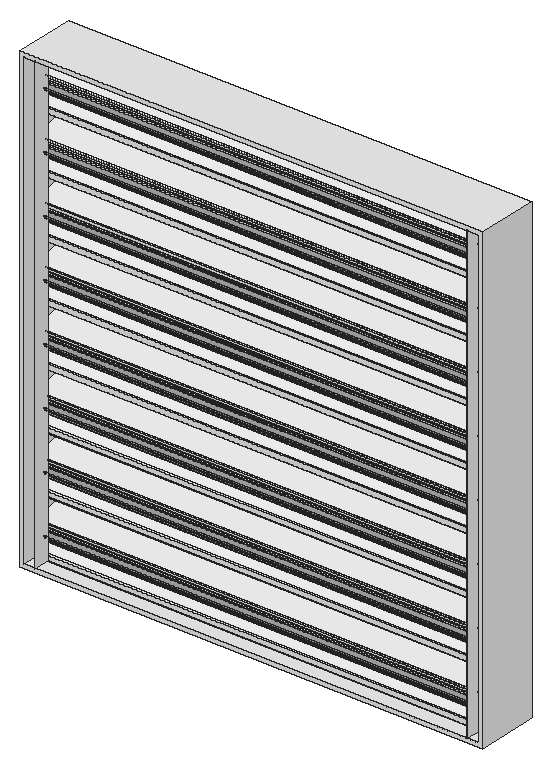
Revit family
Parameters (values of type "Louver_Screen_HJ-645_All-Lite")
  URL = "http://www.alllite-louvers.com"
  Specifications = "http://www.alllite-louvers.com/catalog/AHJ-645-csi-specification.doc"
  Spacing = 0.563 ft
  SmartBIM Object Version = 3  # constant formula
  SmartBIM Object Created By = "Reed Construction Data"  # constant formula
  Shim Thickness = 0.042 ft
  Screen Width = Width - (2 * Shim Thickness)  # 4.916 ft
  Screen Height = Height - (2 * Shim Thickness)  # 4.916 ft
  Screen = Aluminum
  Rough Width = 0.0 ft
  Rough Height = 0.0 ft
  Product URL = "http://www.alllite-louvers.com/catalog.php?model=HJ-645"
  Pressure Loss (in.wg.) = "N/A"  # constant formula
  OmniClass Title = "Exterior Louvers and Grilles"  # constant formula
  OmniClass Code = "23-60 11 17"  # constant formula
  Model Number = "HJ-645"  # constant formula
  Minimum Size = "12\" x 12\""
  Maximum Size - Single Section = "72\" x 144\" or 144\"x 72\""
  Maximum Size - Multiple Section = "Unlimited"
  Manufacturer = "All-Lite"  # constant formula
  Louver Width = Width - (2 * Shim Thickness)  # 4.916 ft
  Louver = Mill finish, 6063-T5 Extruded Aluminum
  Height = 5.0 ft
  Free Area for 48”x48” Louver = "50.0%"
  Free Area Velocity (fpm) = "N/A"  # constant formula
  Free Area (ft²) for 48"x48" Louver = 8.0 ft
  Frame = Mill finish, 6063-T5 Extruded Aluminum
  Default Sill Height = 3.0 ft
  Wall Closure = (empty or 0)
  Width = 5.0 ft
  Cut Sheet = "http://www.alllite-louvers.com/catalog/AHJ645.pdf"
  Assembly Code = "B2010300"
  Air Volume Delivered (cfm) = "N/A"  # constant formula
  95 CSI = "10200 "  # constant formula
  04 CSI = "08 91 00"  # constant formula
  # of Louvers = (Height - 0.25 ft) / (Spacing)  # 8
Reference planes (ft)
  plane 1 "Center (Front/Back)": y = 0
  plane 2: z = 0.291667
  plane 3 "Center (Left/Right)": x = 0
  plane 4 "Left": x = -2.5
  plane 5 "Right": x = 2.5
  plane 6 "Sill": z = 3.291667
  plane 7 "Top": z = 8.291667
  plane 8: x = -2.458
  plane 9: x = 2.458
  plane 10: z = 8.249667
  plane 11: z = 3.333667
  plane 12: z = 5.791667
Forms (ft)
  Sweep 1, solid, material "Mill finish, 6063-T5 Extruded Aluminum" <- "Frame"
    path origin (-5, 0.333333, 0) x (-1, 0, 0) y (0, 0, 1)
      loop
        line (-7.458, 3.333667) -> (-7.458, 8.249667)
    profile "Vertical Mullion : Vertical Mullion" origin (2.458, 0.333333, 5.791667) x (1, 0, 0) y (0, 1, 0)
      loop
        line (-0.11825, -0.50675) -> (0, -0.50675) -> (0, -0.5) -> (-0.125, -0.5) -> (-0.125, -0.666667) -> (-0.11825, -0.666667) -> (-0.11825, -0.50675)
  Sweep 2, solid, material "Mill finish, 6063-T5 Extruded Aluminum" <- "Frame"
    path origin (5, 0.333333, 0) x (1, 0, 0) y (0, 0, -1)
      loop
        line (-7.458, -3.333667) -> (-7.458, -8.249667)
    profile "Vertical Mullion : Vertical Mullion" origin (-2.458, 0.333333, 5.791667) x (1, 0, 0) y (0, 1, 0)
      loop
        line (0.11825, -0.50675) -> (0.11825, -0.666667) -> (0.125, -0.666667) -> (0.125, -0.5) -> (0, -0.5) -> (0, -0.50675) -> (0.11825, -0.50675)
  Sweep 3, solid, material "Mill finish, 6063-T5 Extruded Aluminum" <- "Frame"
    path origin (-5, 0.333333, 0) x (-1, 0, 0) y (0, 0, 1)
      loop
        line (-2.5, 8.291667) -> (-7.5, 8.291667) -> (-7.5, 3.291667) -> (-2.5, 3.291667) -> (-2.5, 8.291667)
    profile origin (-2.5, 0.333333, 5.791667) x (0, 1, 0) y (-1, 0, 0)
      loop
        line (0, 0) -> (-0.666667, 0) -> (-0.666667, -0.042) -> (0, -0.042) -> (0, 0)
Lines and regions (ft)
  Opening 1
    outline origin (-5, -0.333333, 0) x (1, 0, 0) y (0, 0, 1)
      loop
        line (2.5, 8.291667) -> (2.5, 3.291667) -> (7.5, 3.291667) -> (7.5, 8.291667) -> (2.5, 8.291667)
  Masking region 1, detail levels coarse+medium
    outline origin (0, 0, 0) x (1, 0, 0) y (0, 1, 0)
      loop
        line (-2.5, 0.333333) -> (-2.5, -0.333333) -> (-2.333, -0.333333) -> (-2.333, 0.333333) -> (-2.5, 0.333333)
      loop
        line (2.333, -0.333333) -> (2.5, -0.333333) -> (2.5, 0.333333) -> (2.333, 0.333333) -> (2.333, -0.333333)
  Masking region 2, detail levels fine
    outline origin (0, 0, 0) x (1, 0, 0) y (0, 1, 0)
      loop
        line (2.33975, -0.333333) -> (2.33975, -0.173417) -> (2.458, -0.173417) -> (2.458, -0.166667) -> (2.333, -0.166667) -> (2.333, -0.333333) -> (2.33975, -0.333333)
      loop
        line (-2.33975, -0.333333) -> (-2.333, -0.333333) -> (-2.333, -0.166667) -> (-2.458, -0.166667) -> (-2.458, -0.173417) -> (-2.33975, -0.173417) -> (-2.33975, -0.333333)
Text (ft)
  text "EXTERIOR" at (-4.890733, 4.242245, 0), in view "Ref. Level"
  text "INTERIOR" at (-4.890733, -3.147199, 0), in view "Ref. Level"
  text "Exterior" at (0, 3.638026, 10.266337), in view "Left"
  text "Exterior" at (0, 1.524487, 10.420622), in view "Right"
Dimensions and locks (ft)
  equal spacing: plane 4 "Left", plane 3 "Center (Left/Right)", plane 5 "Right"
  "Width": plane 4 "Left" to plane 5 "Right"
  "Height": plane 6 "Sill" to plane 7 "Top"
  "Default Sill Height": plane 2 to plane 6 "Sill"
  "Shim Thickness": plane 4 "Left" to plane 8
  "Shim Thickness": plane 9 to plane 5 "Right"
  "Shim Thickness": plane 10 to plane 7 "Top"
  "Shim Thickness": plane 6 "Sill" to plane 11
  equal spacing: plane 11, plane 12, plane 10
  equal spacing: group 1, group 3, group 4, group 5, group 6, group 7, group 8, group 2  (x3)
  aligned and locked: plane 7 "Top" to Opening 1 sketch curve
  aligned and locked: plane 6 "Sill" to Opening 1 sketch curve  (x2)
  aligned and locked: plane 5 "Right" to Opening 1 sketch curve
  aligned and locked: plane 4 "Left" to Opening 1 sketch curve
  aligned and locked: plane 9 to Sweep 1 sketch curve
  aligned and locked: Sweep 2 sketch curve to plane 8
  aligned and locked: Sweep 3 sketch curve to plane 4 "Left"
  aligned and locked: Sweep 3 sketch curve to plane 7 "Top"
  aligned and locked: Sweep 3 sketch curve to plane 6 "Sill"
  aligned and locked: Sweep 3 sketch curve to plane 5 "Right"
  aligned and locked: Sweep 3 sketch curve to host wall  (x2)
  aligned and locked: plane 8 to Sweep 3 sketch curve
  aligned and locked: plane 3 "Center (Left/Right)" to nested 1
  aligned and locked: plane 10 to Sweep 2 sketch curve
  aligned and locked: profile plane to host wall
  aligned and locked: plane 3 "Center (Left/Right)" to nested 2
  aligned and locked: plane 11 to Sweep 2 sketch curve
  aligned and locked: plane 11 to Sweep 1 sketch curve
  aligned and locked: nested 1 to Sweep 2
  aligned and locked: nested 2 to Sweep 2
  aligned and locked: plane 11 to nested 1
  aligned and locked: plane 10 to nested 2
  aligned and locked: Masking region 1 sketch curve to host wall  (x4)
  aligned and locked: Sweep 2 to Masking region 1 sketch curve
  aligned and locked: Masking region 1 sketch curve to Sweep 2
  aligned and locked: Sweep 1 to Masking region 1 sketch curve
  aligned and locked: Masking region 1 sketch curve to Sweep 1
  aligned and locked: Masking region 2 sketch curve to Sweep 1  (x6)
  aligned and locked: Masking region 2 sketch curve to Sweep 2  (x6)
  aligned and locked: Sweep 2 to Sweep 3 sketch curve
Automatic sketch dimensions
  Sweep 1 sketch curve to plane 10 = 0.0 ft
Nested families (ft)
  nested 1: "Louver Single" at (0, 0.167312, 3.333667), type "Louver"
    with Louver Length 4.916 ft
  nested 2: "Louver Single" at (0, 0.167312, 7.669259), type "Louver"
    with Louver Length 4.916 ft
  nested 3: "Louver Single" at (0, 0.167312, 3.953037), type "Louver"
    with Louver Length 4.916 ft
  nested 4: "Louver Single" at (0, 0.167312, 4.572407), type "Louver"
    with Louver Length 4.916 ft
  nested 5: "Louver Single" at (0, 0.167312, 5.191778), type "Louver"
    with Louver Length 4.916 ft
  nested 6: "Louver Single" at (0, 0.167312, 5.811148), type "Louver"
    with Louver Length 4.916 ft
  nested 7: "Louver Single" at (0, 0.167312, 6.430519), type "Louver"
    with Louver Length 4.916 ft
  nested 8: "Louver Single" at (0, 0.167312, 7.049889), type "Louver"
    with Louver Length 4.916 ft
Definition of nested family "Louver Single"
  Parameters (values of type "Louver")
    Louver Length = 3.75 ft
    Frame = none
    Depth = 0.156576 ft
    Louver Single = yes
    Louver = none
    Assembly Code = ""
  Reference planes (ft)
    plane 1 "Center (Front/Back)": y = -0.085938
    plane 2: z = 0
    plane 3 "Center (Left/Right)": x = 0
    plane 4: x = -1.875
    plane 5: x = 1.875
    plane 6: y = -0.333979
    plane 7: y = 0.166021
    plane 8: z = 0.580407
  Forms (ft)
    Extrusion 1, solid, material <- "Louver"
      sketch origin (0, 0.02681, -0.008802) x (0, 1, 0) y (0, 0, 1)
        loop
          arc (0.014501, 0.43186) -> (0.029597, 0.417844) -> (0.020595, 0.436372) r 0.010479
          line (0.020595, 0.436372) -> (-0.012602, 0.46957) -> (-0.352942, 0.371979)
          arc (-0.352942, 0.371979) -> (-0.358607, 0.368085) -> (-0.360789, 0.361565) r 0.010833
          line (-0.360789, 0.361565) -> (-0.360789, 0.341813) -> (-0.351665, 0.341813) -> (-0.351665, 0.352903)
          arc (-0.351665, 0.352903) -> (-0.345581, 0.358987) -> (-0.339496, 0.352903) r 0.006084
          line (-0.339496, 0.352903) -> (-0.339496, 0.310467)
          arc (-0.339496, 0.310467) -> (-0.345581, 0.304383) -> (-0.351665, 0.310467) r 0.006084
          line (-0.351665, 0.310467) -> (-0.351665, 0.320979) -> (-0.360789, 0.320979) -> (-0.360789, 0.30358)
          arc (-0.360789, 0.30358) -> (-0.360432, 0.300821) -> (-0.359384, 0.298244) r 0.010833
          line (-0.359384, 0.298244) -> (-0.308809, 0.208885) -> (-0.256582, 0.154803)
          arc (-0.256582, 0.154803) -> (-0.245947, 0.143718) -> (-0.252393, 0.157662) r 0.007788
          line (-0.252393, 0.157662) -> (-0.275965, 0.182073) -> (-0.001124, 0.447484) -> (0.014501, 0.43186)
        loop
          line (0.139211, 0.517883) -> (0.139211, 0.583793)
          arc (0.139211, 0.583793) -> (0.133794, 0.58921) -> (0.128378, 0.583793) r 0.005417
          line (0.128378, 0.583793) -> (0.128378, 0.524614)
          arc (0.128378, 0.524614) -> (0.127141, 0.518395) -> (0.123618, 0.513124) r 0.01625
          line (0.123618, 0.513124) -> (0.051229, 0.440734)
          arc (0.051229, 0.440734) -> (0.048223, 0.439652) -> (0.045475, 0.441279) r 0.00375
          arc (0.045475, 0.441279) -> (0.037868, 0.448715) -> (0.027963, 0.452595) r 0.026729
          arc (0.027963, 0.452595) -> (0.018996, 0.447874) -> (0.021297, 0.438004) r 0.00829
          arc (0.021297, 0.438004) -> (0.032659, 0.418808) -> (0.011454, 0.425731) r 0.011919
          arc (0.011454, 0.425731) -> (0.002931, 0.430729) -> (-0.003161, 0.42295) r 0.007506
          arc (-0.003161, 0.42295) -> (0.000565, 0.412309) -> (0.008347, 0.404152) r 0.026729
          arc (0.008347, 0.404152) -> (0.009974, 0.401403) -> (0.008892, 0.398398) r 0.00375
          line (0.008892, 0.398398) -> (-0.227481, 0.162024)
          arc (-0.227481, 0.162024) -> (-0.230213, 0.161024) -> (-0.232741, 0.162464) r 0.003456
          arc (-0.232741, 0.162464) -> (-0.239201, 0.168425) -> (-0.247513, 0.171284) r 0.021388
          arc (-0.247513, 0.171284) -> (-0.253738, 0.166409) -> (-0.249739, 0.159589) r 0.006007
          arc (-0.249739, 0.159589) -> (-0.243422, 0.143317) -> (-0.259694, 0.149634) r 0.009537
          arc (-0.259694, 0.149634) -> (-0.266515, 0.153632) -> (-0.271389, 0.147408) r 0.006007
          arc (-0.271389, 0.147408) -> (-0.268841, 0.139635) -> (-0.263561, 0.133387) r 0.021388
          arc (-0.263561, 0.133387) -> (-0.261794, 0.129943) -> (-0.263178, 0.126328) r 0.004748
          arc (-0.263178, 0.126328) -> (-0.304381, 0.095117) -> (-0.352498, 0.076232) r 0.18906
          arc (-0.352498, 0.076232) -> (-0.358467, 0.072403) -> (-0.360789, 0.065702) r 0.010833
          line (-0.360789, 0.065702) -> (-0.360789, 0.012079)
          arc (-0.360789, 0.012079) -> (-0.355372, 0.008165) -> (-0.349956, 0.012079) r 0.005705
          line (-0.349956, 0.012079) -> (-0.349956, 0.057352)
          arc (-0.349956, 0.057352) -> (-0.347769, 0.063879) -> (-0.342091, 0.06777) r 0.010833
          arc (-0.342091, 0.06777) -> (-0.295556, 0.087694) -> (-0.255517, 0.118667) r 0.199893
          line (-0.255517, 0.118667) -> (0.136038, 0.510223)
          arc (0.136038, 0.510223) -> (0.138386, 0.513737) -> (0.139211, 0.517883) r 0.010833
        loop
          line (-0.016373, 0.457218) -> (-0.334773, 0.365919)
          arc (-0.334773, 0.365919) -> (-0.330267, 0.360092) -> (-0.328663, 0.352903) r 0.016918
          line (-0.328663, 0.352903) -> (-0.328663, 0.310467)
          arc (-0.328663, 0.310467) -> (-0.333176, 0.298964) -> (-0.344306, 0.293597) r 0.016918
          line (-0.344306, 0.293597) -> (-0.300059, 0.21542) -> (-0.279295, 0.193918) -> (-0.011591, 0.452436) -> (-0.016373, 0.457218)
      from -1.875 to 1.875
  Dimensions and locks (ft)
    equal spacing: plane 4, plane 3 "Center (Left/Right)", plane 5
    "Louver Length": plane 4 to plane 5
    plane 7 to plane 6 = 0.5 ft
    aligned and locked: Extrusion 1 to plane 4
    aligned and locked: plane 5 to Extrusion 1
  Automatic sketch dimensions
    Extrusion 1 sketch curve to Extrusion 1 sketch curve = 0.0 ft  (x31)
    Extrusion 1 sketch curve to plane 6 = 0.0 ft
    Extrusion 1 sketch curve to plane 6 = 0.001405 ft
    plane 6 to Extrusion 1 sketch curve = 0.0 ft  (x2)
    plane 6 to Extrusion 1 sketch curve = 0.036074 ft
    Extrusion 1 sketch curve to plane 6 = 0.005417 ft
    Extrusion 1 sketch curve to plane 6 = 0.007847 ft
    Extrusion 1 sketch curve to plane 6 = 0.008291 ft
    Extrusion 1 sketch curve to plane 6 = 0.009124 ft  (x2)
    Extrusion 1 sketch curve to Extrusion 1 sketch curve = 0.001709 ft  (x2)
    level to Extrusion 1 sketch curve = 0.003277 ft
    Extrusion 1 sketch curve to Extrusion 1 sketch curve = 0.005417 ft  (x2)
    Extrusion 1 sketch curve to Extrusion 1 sketch curve = 0.006084 ft
    Extrusion 1 sketch curve to Extrusion 1 sketch curve = 0.00565 ft
    Extrusion 1 sketch curve to Extrusion 1 sketch curve = 0.007865 ft
    Extrusion 1 sketch curve to Extrusion 1 sketch curve = 0.002968 ft
    Extrusion 1 sketch curve to Extrusion 1 sketch curve = 0.004723 ft
    Extrusion 1 sketch curve to Extrusion 1 sketch curve = 0.010833 ft
    Extrusion 1 sketch curve to plane 6 = 0.05198 ft
    Extrusion 1 sketch curve to Extrusion 1 sketch curve = 0.00875 ft
    Extrusion 1 sketch curve to Extrusion 1 sketch curve = 0.020765 ft
    Extrusion 1 sketch curve to Extrusion 1 sketch curve = 0.003329 ft
    Extrusion 1 sketch curve to Extrusion 1 sketch curve = 0.004576 ft
    Extrusion 1 sketch curve to Extrusion 1 sketch curve = 0.004854 ft
    Extrusion 1 sketch curve to Extrusion 1 sketch curve = 0.005998 ft
    Extrusion 1 sketch curve to Extrusion 1 sketch curve = 0.002974 ft
    Extrusion 1 sketch curve to Extrusion 1 sketch curve = 0.003357 ft
    Extrusion 1 sketch curve to Extrusion 1 sketch curve = 0.005697 ft
    Extrusion 1 sketch curve to Extrusion 1 sketch curve = 0.003112 ft
    Extrusion 1 sketch curve to Extrusion 1 sketch curve = 0.00766 ft
    Extrusion 1 sketch curve to Extrusion 1 sketch curve = 0.00419 ft
    Extrusion 1 sketch curve to Extrusion 1 sketch curve = 0.006246 ft
    Extrusion 1 sketch curve to Extrusion 1 sketch curve = 0.000171 ft
    Extrusion 1 sketch curve to Extrusion 1 sketch curve = 0.002654 ft
    Extrusion 1 sketch curve to Extrusion 1 sketch curve = 0.001902 ft
    Extrusion 1 sketch curve to Extrusion 1 sketch curve = 0.000324 ft  (x2)
    Extrusion 1 sketch curve to Extrusion 1 sketch curve = 0.015096 ft
    Extrusion 1 sketch curve to Extrusion 1 sketch curve = 0.002816 ft
    Extrusion 1 sketch curve to Extrusion 1 sketch curve = 0.002444 ft
    Extrusion 1 sketch curve to Extrusion 1 sketch curve = 0.003771 ft
    Extrusion 1 sketch curve to Extrusion 1 sketch curve = 0.004782 ft  (x2)
    Extrusion 1 sketch curve to Extrusion 1 sketch curve = 0.00843 ft
    Extrusion 1 sketch curve to Extrusion 1 sketch curve = 0.010468 ft
    Extrusion 1 sketch curve to Extrusion 1 sketch curve = 0.007495 ft
    Extrusion 1 sketch curve to Extrusion 1 sketch curve = 0.001907 ft
    Extrusion 1 sketch curve to Extrusion 1 sketch curve = 0.002106 ft
    Extrusion 1 sketch curve to Extrusion 1 sketch curve = 0.002652 ft  (x3)
    Extrusion 1 sketch curve to Extrusion 1 sketch curve = 0.00712 ft
    Extrusion 1 sketch curve to Extrusion 1 sketch curve = 0.003047 ft
    Extrusion 1 sketch curve to Extrusion 1 sketch curve = 0.006094 ft
    Extrusion 1 sketch curve to Extrusion 1 sketch curve = 0.000702 ft
    Extrusion 1 sketch curve to Extrusion 1 sketch curve = 0.002766 ft
    Extrusion 1 sketch curve to Extrusion 1 sketch curve = 0.005239 ft
    Extrusion 1 sketch curve to Extrusion 1 sketch curve = 0.001427 ft
    Extrusion 1 sketch curve to Extrusion 1 sketch curve = 0.018939 ft
    Extrusion 1 sketch curve to Extrusion 1 sketch curve = 0.003102 ft
    Extrusion 1 sketch curve to Extrusion 1 sketch curve = 0.063551 ft
    Extrusion 1 sketch curve to Extrusion 1 sketch curve = 0.01149 ft
    Extrusion 1 sketch curve to Extrusion 1 sketch curve = 0.00476 ft  (x3)
    Extrusion 1 sketch curve to Extrusion 1 sketch curve = 0.003173 ft
    level to Extrusion 1 sketch curve = 0.005067 ft
    Extrusion 1 sketch curve to Extrusion 1 sketch curve = 0.043482 ft
    Extrusion 1 sketch curve to Extrusion 1 sketch curve = 0.00009 ft
    Extrusion 1 sketch curve to Extrusion 1 sketch curve = 0.00517 ft
    Extrusion 1 sketch curve to Extrusion 1 sketch curve = 0.002435 ft
    Extrusion 1 sketch curve to Extrusion 1 sketch curve = 0.011845 ft
    Extrusion 1 sketch curve to Extrusion 1 sketch curve = 0.006535 ft
    Extrusion 1 sketch curve to Extrusion 1 sketch curve = 0.033584 ft
    Extrusion 1 sketch curve to Extrusion 1 sketch curve = 0.012223 ft
    Extrusion 1 sketch curve to Extrusion 1 sketch curve = 0.010512 ft
    Extrusion 1 sketch curve to Extrusion 1 sketch curve = 0.020833 ft
    Extrusion 1 sketch curve to Extrusion 1 sketch curve = 0.01109 ft
    Extrusion 1 sketch curve to Extrusion 1 sketch curve = 0.008662 ft
    Extrusion 1 sketch curve to Extrusion 1 sketch curve = 0.027334 ft
    Extrusion 1 sketch curve to Extrusion 1 sketch curve = 0.006129 ft
    Extrusion 1 sketch curve to Extrusion 1 sketch curve = 0.012351 ft
    Extrusion 1 sketch curve to Extrusion 1 sketch curve = 0.059179 ft
    Extrusion 1 sketch curve to plane 1 "Center (Front/Back)" = 0.096374 ft
    Extrusion 1 sketch curve to Extrusion 1 sketch curve = 0.010788 ft
    Extrusion 1 sketch curve to Extrusion 1 sketch curve = 0.014968 ft
    Extrusion 1 sketch curve to Extrusion 1 sketch curve = 0.049086 ft
    Extrusion 1 sketch curve to plane 8 = 0.078987 ft
